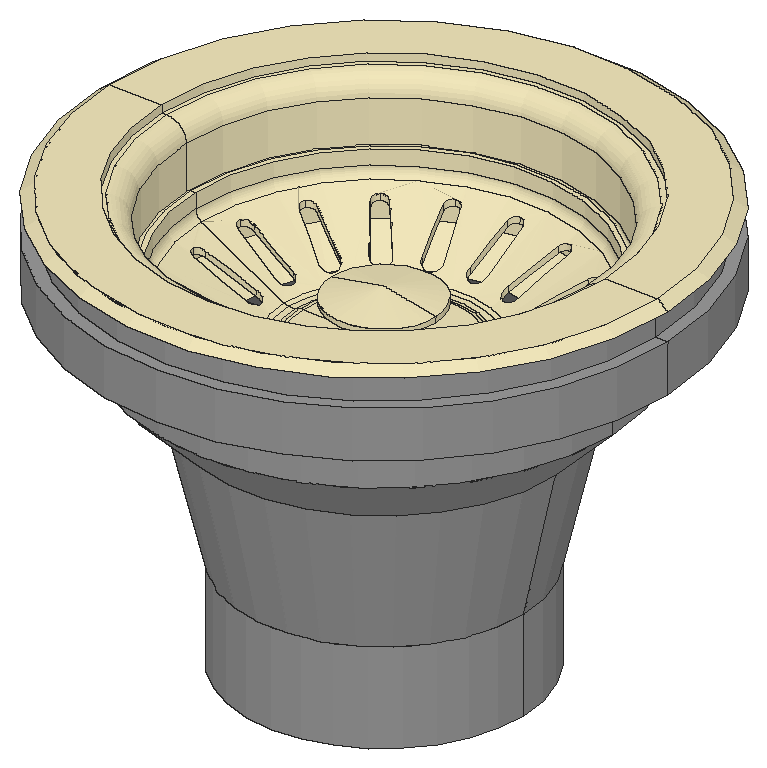
Revit family "ALMA-WSGD002-Angelo_Sink_Strainer-Brass_Gold", category Generic Models, Revit 2026
Family settings
  Can host rebar = No
  Round Connector Dimension = Use Diameter
  Part Type = Normal
  Work Plane-Based = No
  Always vertical = Yes
  Cut with Voids When Loaded = No
  Maintain Annotation Orientation = No
  Shared = No
  Room Calculation Point = No
Parameters
  Width = 115 mm
  Tailpiece_Material = BM_MATTE WHITE
  Strainer_Material = BM_BRASS GOLD
  Height = 85 mm
  Flange_Material = BM_MATTE BLACK
  Default Elevation = 0 mm
Reference planes
  plane 1 "Center (Front/Back)": y = 0
  plane 2: z = 0
  plane 3 "Center (Left/Right)": x = 0
  plane 4: z = 1.5
  plane 5: z = -83.5
  plane 6: x = -57.5
  plane 7: x = 57.5
  plane 8: y = 57.5
  plane 9: y = -57.5
  plane 10: y = 39.75
  plane 11: y = -39.75
  plane 12: x = 40
  plane 13: x = -40
Forms (mm)
  Revolve 1, solid, material "BM_MATTE WHITE" <- "Tailpiece_Material"
    sketch origin (0, 0, 0) x (1, 0, 0) y (0, 0, 1)
      loop
        line (-57.5, -5.5) -> (-57.5, -15) -> (-46.25, -15) -> (-46.25, -26.196) -> (-34.822, -37.623) -> (-28.232, -65.112) -> (-28.232, -83.5) -> (-26.732, -83.5) -> (-26.732, -64.935) -> (-33.462, -36.862) -> (-44.75, -25.574) -> (-44.75, -13.5) -> (-55, -13.5) -> (-55, -5.5) -> (-57.5, -5.5)
      axis (0, -83.5) -> (0, -5.5)
    angle from 0 to 360
  Revolve 2, solid, material "BM_MATTE BLACK" <- "Flange_Material"
    sketch origin (0, 0, 0) x (1, 0, 0) y (0, 0, 1)
      loop
        line (-52.5, -5.5) -> (-52.5, 0) -> (-55, 0) -> (-55, -5.5) -> (-52.5, -5.5)
      axis (0, -5.5) -> (0, 0)
    angle from 0 to 360
  Revolve 3, solid, material "BM_BRASS GOLD" <- "Strainer_Material"
    sketch origin (0, 0, 0) x (1, 0, 0) y (0, 0, 1)
      loop
        line (-44.844, 0) -> (-44.844, 1.5) -> (-55.358, 1.5) -> (-57.5, 0) -> (-44.844, 0)
      axis (0, 1.5) -> (0, 0)
    angle from 0 to 360
  Revolve 4, solid, material "BM_BRASS GOLD" <- "Strainer_Material"
    sketch origin (0, 0, 0) x (1, 0, 0) y (0, 0, 1)
      loop
        line (-41.5, -26.196) -> (-29.865, -37.623) -> (-13.75, -37.623) -> (-13.75, -36.123) -> (-29.247, -36.123) -> (-40, -25.574) -> (-40, -13.5) -> (-40, -3.878)
        arc (-40, -3.878) -> (-41.136, -1.136) -> (-43.878, 0) r 3.878
        line (-43.878, 0) -> (-45.362, 0) -> (-45.362, -1.5) -> (-43.878, -1.5)
        arc (-43.878, -1.5) -> (-42.196, -2.196) -> (-41.5, -3.878) r 2.378
        line (-41.5, -3.878) -> (-41.5, -13.5) -> (-41.5, -26.196)
      axis (0, -37.623) -> (0, 0)
    angle from 0 to 360
Text (mm)
  text "Refer to www.buildmat.com.au for the most current product literature. \nAllow a +/- 5mm tolerance for dimensions shown in the product literature. \nPlease note product details are subject to change due to ongoing product development." at (1.508, -179.138, 0), in view "Ref. Level"
Dimensions and locks
  "Height": plane 4 to plane 5
  "Width": plane 8 to plane 9
  equal spacing: plane 8, plane 1 "Center (Front/Back)", plane 9
  "Width": plane 6 to plane 7
  equal spacing: plane 6, plane 3 "Center (Left/Right)", plane 7
  plane 10 to plane 11 = 79.5 mm
  equal spacing: plane 10, plane 1 "Center (Front/Back)", plane 11
  equal spacing: plane 13, plane 3 "Center (Left/Right)", plane 12
  plane 13 to plane 12 = 80 mm
  aligned and locked: level to plane 2
Automatic sketch dimensions
  Revolve 1 sketch curve to plane 6 = 0 mm
  Revolve 1 sketch curve to plane 5 = 0 mm
  Revolve 1 sketch curve to plane 3 "Center (Left/Right)" = 0 mm
  plane 6 to Revolve 1 sketch curve = 2.5 mm
  plane 6 to Revolve 1 sketch curve = 11.25 mm
  Revolve 1 sketch curve to Revolve 1 sketch curve = 1.5 mm  (x3)
  Revolve 1 sketch curve to Revolve 1 sketch curve = 9.928 mm
  Revolve 1 sketch curve to Revolve 1 sketch curve = 1.36 mm
  Revolve 1 sketch curve to plane 3 "Center (Left/Right)" = 28.232 mm
  plane 5 to Revolve 1 sketch curve = 18.388 mm
  Revolve 1 sketch curve to Revolve 1 sketch curve = 0.177 mm
  Revolve 1 sketch curve to Revolve 1 sketch curve = 27.489 mm
  Revolve 1 sketch curve to Revolve 1 sketch curve = 0.761 mm
  Revolve 1 sketch curve to Revolve 1 sketch curve = 11.428 mm
  Revolve 1 sketch curve to Revolve 1 sketch curve = 0.621 mm
  Revolve 1 sketch curve to Revolve 1 sketch curve = 10.574 mm
  Revolve 1 sketch curve to level = 5.5 mm
  Revolve 1 sketch curve to plane 5 = 1.5 mm
  Revolve 1 sketch curve to level = 7 mm
  Revolve 2 sketch curve to level = 0 mm  (x2)
  Revolve 2 sketch curve to plane 3 "Center (Left/Right)" = 0 mm
  plane 6 to Revolve 2 sketch curve = 5 mm
  Revolve 2 sketch curve to Revolve 2 sketch curve = 2.5 mm
  Revolve 2 sketch curve to level = 5.5 mm  (x2)
  Revolve 3 sketch curve to level = 0 mm  (x2)
  Revolve 3 sketch curve to plane 6 = 0 mm
  Revolve 3 sketch curve to plane 4 = 0 mm
  Revolve 3 sketch curve to plane 3 "Center (Left/Right)" = 0 mm
  plane 6 to Revolve 3 sketch curve = 2.142 mm
  Revolve 3 sketch curve to Revolve 3 sketch curve = 10.514 mm
  Revolve 3 sketch curve to Revolve 3 sketch curve = 7 mm
  Revolve 4 sketch curve to Revolve 4 sketch curve = 0 mm  (x3)
  Revolve 4 sketch curve to level = 0 mm
  plane 13 to Revolve 4 sketch curve = 0 mm
  Revolve 4 sketch curve to plane 3 "Center (Left/Right)" = 0 mm
  Revolve 4 sketch curve to plane 4 = 0 mm
  plane 13 to Revolve 4 sketch curve = 1.5 mm
  Revolve 4 sketch curve to Revolve 4 sketch curve = 2.378 mm
  Revolve 4 sketch curve to Revolve 4 sketch curve = 1.485 mm
  Revolve 4 sketch curve to plane 13 = 10.135 mm
  Revolve 4 sketch curve to Revolve 4 sketch curve = 0.618 mm
  Revolve 4 sketch curve to plane 3 "Center (Left/Right)" = 13.75 mm
  Revolve 4 sketch curve to Revolve 4 sketch curve = 9.622 mm
  Revolve 4 sketch curve to Revolve 4 sketch curve = 12.074 mm
  Revolve 4 sketch curve to Revolve 4 sketch curve = 0.621 mm
  Revolve 4 sketch curve to Revolve 4 sketch curve = 10.549 mm
  Revolve 4 sketch curve to Revolve 4 sketch curve = 1.5 mm
  Revolve 4 sketch curve to Revolve 4 sketch curve = 2.377 mm
Nested families
  nested 1: "Angelo Sink Strainer-Brass Gold" at (0, 0, -13), type "BRUSHED BRASS GOLD"
Definition of nested family "Angelo Sink Strainer-Brass Gold"
  Parameters (values of type "BRUSHED BRASS GOLD")
    Strainer_Material = none
    SealRing_Material = none
    Default Elevation = 0 mm
  Reference planes
    plane 1 "Center (Front/Back)": y = 0
    plane 2: z = 0
    plane 3 "Center (Left/Right)": x = 0
    plane 4: x = -40
    plane 5: x = 40
    plane 6: z = 1
    plane 7: z = -2
    plane 8: z = -14
    plane 9: z = -18.324
    plane 10: z = -40.814
    plane 11: y = 40
    plane 12: y = -40
  Forms (mm)
    Revolve 1, solid, material <- "Strainer_Material"
      sketch origin (0, 0, 0) x (1, 0, 0) y (0, 0, 1)
        loop
          line (0, -14) -> (0, -12.513) -> (-16.254, -12.513)
          arc (-16.254, -12.513) -> (-16.716, -12.579) -> (-17.14, -12.772) r 1.644
          arc (-17.14, -12.772) -> (-17.513, -12.942) -> (-17.919, -13) r 1.445
          line (-17.919, -13) -> (-19.251, -13)
          arc (-19.251, -13) -> (-19.738, -12.941) -> (-20.197, -12.766) r 2.033
          line (-20.197, -12.766) -> (-36.931, -3.959)
          arc (-36.931, -3.959) -> (-37.759, -3.14) -> (-37.991, -2) r 2
          line (-37.991, -2) -> (-38.994, -2)
          arc (-38.994, -2) -> (-38.616, -3.658) -> (-37.397, -4.844) r 3
          line (-37.397, -4.844) -> (-20.356, -13.813)
          arc (-20.356, -13.813) -> (-19.988, -13.953) -> (-19.598, -14) r 1.626
          line (-19.598, -14) -> (0, -14)
        axis (0, -14) -> (0, -2)
      angle from 0 to 360
    Revolve 2, solid, material <- "Strainer_Material"
      sketch origin (0, 0, 0) x (1, 0, 0) y (0, 0, 1)
        loop
          line (-37.991, 1) -> (-38.96, 1)
          arc (-38.96, 1) -> (-39.689, 0.698) -> (-39.991, -0.032) r 1.032
          line (-39.991, -0.032) -> (-39.488, -2) -> (-37.991, -2) -> (-37.991, 1)
        axis (0, 1) -> (0, -2)
      angle from 0 to 360
    Revolve 3, solid, material <- "Strainer_Material"
      sketch origin (0, 0, 0) x (1, 0, 0) y (0, 0, 1)
        loop
          line (0, -2.513) -> (-10.5, -4.513) -> (-10.5, -5.513) -> (-4, -5.513) -> (-4, -10.513) -> (-5, -12.513) -> (0, -12.513) -> (0, -2.513)
        axis (0, -2.513) -> (0, -12.513)
      angle from 0 to 360
    Revolve 4, solid, material <- "SealRing_Material"
      sketch origin (0, 0, 0) x (1, 0, 0) y (0, 0, 1)
        loop
          line (0, -14) -> (-21, -14) -> (-21, -15) -> (-28, -15) -> (-28, -15.814) -> (-21, -15.814) -> (-21, -16.796) -> (-19, -16.796) -> (-19, -18.324) -> (-14, -18.324) -> (-14, -15.814) -> (0, -15.814) -> (0, -14)
        axis (0, -18.324) -> (0, -14)
      angle from 0 to 360
    Revolve 5, solid, material <- "Strainer_Material"
      sketch origin (0, 0, 2.51) x (1, 0, 0) y (0, 0, 1)
        loop
          line (0, -18.324) -> (-4, -18.324) -> (-4, -39.324)
          arc (-4, -39.324) -> (-2.828, -42.152) -> (0, -43.324) r 4
          line (0, -43.324) -> (0, -18.324)
        axis (0, -18.324) -> (0, -43.324)
      angle from 0 to 360
    Extrusion 6, void
      sketch origin (0, 0, 0) x (1, 0, 0) y (0, 1, 0)
        loop
          line (-1.558, 33.106) -> (-1.933, 24.06)
          arc (-1.933, 24.06) -> (-1.346, 22.581) -> (0.145, 22.028) r 1.955
          arc (0.145, 22.028) -> (1.448, 22.711) -> (1.931, 24.1) r 2
          line (1.931, 24.1) -> (1.559, 33.087)
          arc (1.559, 33.087) -> (1.071, 34.122) -> (-0.01, 34.496) r 1.473
          arc (-0.01, 34.496) -> (-1.077, 34.127) -> (-1.558, 33.106) r 1.453
      from -14 to 7.934
    Extrusion 7, void
      sketch origin (0, 0, 0) x (0.941511, 0.336983, 0) y (-0.336983, 0.941511, 0)
        loop
          line (-1.558, 33.106) -> (-1.933, 24.06)
          arc (-1.933, 24.06) -> (-1.346, 22.581) -> (0.145, 22.028) r 1.955
          arc (0.145, 22.028) -> (1.448, 22.711) -> (1.931, 24.1) r 2
          line (1.931, 24.1) -> (1.559, 33.087)
          arc (1.559, 33.087) -> (1.071, 34.122) -> (-0.01, 34.496) r 1.473
          arc (-0.01, 34.496) -> (-1.077, 34.127) -> (-1.558, 33.106) r 1.453
      from -14 to 7.934
    Extrusion 8, void
      sketch origin (0, 0, 0) x (0.939585, -0.342316, 0) y (0.342316, 0.939585, 0)
        loop
          line (-1.558, 33.106) -> (-1.933, 24.06)
          arc (-1.933, 24.06) -> (-1.346, 22.581) -> (0.145, 22.028) r 1.955
          arc (0.145, 22.028) -> (1.448, 22.711) -> (1.931, 24.1) r 2
          line (1.931, 24.1) -> (1.559, 33.087)
          arc (1.559, 33.087) -> (1.071, 34.122) -> (-0.01, 34.496) r 1.473
          arc (-0.01, 34.496) -> (-1.077, 34.127) -> (-1.558, 33.106) r 1.453
      from -14 to 7.934
    Extrusion 9, void
      sketch origin (0, 0, 0) x (0.765639, -0.64327, 0) y (0.64327, 0.765639, 0)
        loop
          line (-1.558, 33.106) -> (-1.933, 24.06)
          arc (-1.933, 24.06) -> (-1.346, 22.581) -> (0.145, 22.028) r 1.955
          arc (0.145, 22.028) -> (1.448, 22.711) -> (1.931, 24.1) r 2
          line (1.931, 24.1) -> (1.559, 33.087)
          arc (1.559, 33.087) -> (1.071, 34.122) -> (-0.01, 34.496) r 1.473
          arc (-0.01, 34.496) -> (-1.077, 34.127) -> (-1.558, 33.106) r 1.453
      from -14 to 7.934
    Extrusion 10, void
      sketch origin (0, 0, 0) x (0.499181, -0.866498, 0) y (0.866498, 0.499181, 0)
        loop
          line (-1.558, 33.106) -> (-1.933, 24.06)
          arc (-1.933, 24.06) -> (-1.346, 22.581) -> (0.145, 22.028) r 1.955
          arc (0.145, 22.028) -> (1.448, 22.711) -> (1.931, 24.1) r 2
          line (1.931, 24.1) -> (1.559, 33.087)
          arc (1.559, 33.087) -> (1.071, 34.122) -> (-0.01, 34.496) r 1.473
          arc (-0.01, 34.496) -> (-1.077, 34.127) -> (-1.558, 33.106) r 1.453
      from -14 to 7.934
    Extrusion 11, void
      sketch origin (0, 0, 0) x (0.172407, -0.985026, 0) y (0.985026, 0.172407, 0)
        loop
          line (-1.558, 33.106) -> (-1.933, 24.06)
          arc (-1.933, 24.06) -> (-1.346, 22.581) -> (0.145, 22.028) r 1.955
          arc (0.145, 22.028) -> (1.448, 22.711) -> (1.931, 24.1) r 2
          line (1.931, 24.1) -> (1.559, 33.087)
          arc (1.559, 33.087) -> (1.071, 34.122) -> (-0.01, 34.496) r 1.473
          arc (-0.01, 34.496) -> (-1.077, 34.127) -> (-1.558, 33.106) r 1.453
      from -14 to 7.934
    Extrusion 12, void
      sketch origin (0, 0, 0) x (-0.175199, -0.984533, 0) y (0.984533, -0.175199, 0)
        loop
          line (-1.558, 33.106) -> (-1.933, 24.06)
          arc (-1.933, 24.06) -> (-1.346, 22.581) -> (0.145, 22.028) r 1.955
          arc (0.145, 22.028) -> (1.448, 22.711) -> (1.931, 24.1) r 2
          line (1.931, 24.1) -> (1.559, 33.087)
          arc (1.559, 33.087) -> (1.071, 34.122) -> (-0.01, 34.496) r 1.473
          arc (-0.01, 34.496) -> (-1.077, 34.127) -> (-1.558, 33.106) r 1.453
      from -14 to 7.934
    Extrusion 13, void
      sketch origin (0, 0, 0) x (-0.501636, -0.865079, 0) y (0.865079, -0.501636, 0)
        loop
          line (-1.558, 33.106) -> (-1.933, 24.06)
          arc (-1.933, 24.06) -> (-1.346, 22.581) -> (0.145, 22.028) r 1.955
          arc (0.145, 22.028) -> (1.448, 22.711) -> (1.931, 24.1) r 2
          line (1.931, 24.1) -> (1.559, 33.087)
          arc (1.559, 33.087) -> (1.071, 34.122) -> (-0.01, 34.496) r 1.473
          arc (-0.01, 34.496) -> (-1.077, 34.127) -> (-1.558, 33.106) r 1.453
      from -14 to 7.934
    Extrusion 14, void
      sketch origin (0, 0, 0) x (-0.76746, -0.641097, 0) y (0.641097, -0.76746, 0)
        loop
          line (-1.558, 33.106) -> (-1.933, 24.06)
          arc (-1.933, 24.06) -> (-1.346, 22.581) -> (0.145, 22.028) r 1.955
          arc (0.145, 22.028) -> (1.448, 22.711) -> (1.931, 24.1) r 2
          line (1.931, 24.1) -> (1.559, 33.087)
          arc (1.559, 33.087) -> (1.071, 34.122) -> (-0.01, 34.496) r 1.473
          arc (-0.01, 34.496) -> (-1.077, 34.127) -> (-1.558, 33.106) r 1.453
      from -14 to 7.934
    Extrusion 15, void
      sketch origin (0, 0, 0) x (-0.940552, -0.339651, 0) y (0.339651, -0.940552, 0)
        loop
          line (-1.558, 33.106) -> (-1.933, 24.06)
          arc (-1.933, 24.06) -> (-1.346, 22.581) -> (0.145, 22.028) r 1.955
          arc (0.145, 22.028) -> (1.448, 22.711) -> (1.931, 24.1) r 2
          line (1.931, 24.1) -> (1.559, 33.087)
          arc (1.559, 33.087) -> (1.071, 34.122) -> (-0.01, 34.496) r 1.473
          arc (-0.01, 34.496) -> (-1.077, 34.127) -> (-1.558, 33.106) r 1.453
      from -14 to 7.934
    Extrusion 16, void
      sketch origin (0, 0, 0) x (-0.999996, 0.002835, 0) y (-0.002835, -0.999996, 0)
        loop
          line (-1.558, 33.106) -> (-1.933, 24.06)
          arc (-1.933, 24.06) -> (-1.346, 22.581) -> (0.145, 22.028) r 1.955
          arc (0.145, 22.028) -> (1.448, 22.711) -> (1.931, 24.1) r 2
          line (1.931, 24.1) -> (1.559, 33.087)
          arc (1.559, 33.087) -> (1.071, 34.122) -> (-0.01, 34.496) r 1.473
          arc (-0.01, 34.496) -> (-1.077, 34.127) -> (-1.558, 33.106) r 1.453
      from -14 to 7.934
    Extrusion 17, void
      sketch origin (0, 0, 0) x (-0.93861, 0.344979, 0) y (-0.344979, -0.93861, 0)
        loop
          line (-1.558, 33.106) -> (-1.933, 24.06)
          arc (-1.933, 24.06) -> (-1.346, 22.581) -> (0.145, 22.028) r 1.955
          arc (0.145, 22.028) -> (1.448, 22.711) -> (1.931, 24.1) r 2
          line (1.931, 24.1) -> (1.559, 33.087)
          arc (1.559, 33.087) -> (1.071, 34.122) -> (-0.01, 34.496) r 1.473
          arc (-0.01, 34.496) -> (-1.077, 34.127) -> (-1.558, 33.106) r 1.453
      from -14 to 7.934
    Extrusion 18, void
      sketch origin (0, 0, 0) x (-0.763812, 0.645438, 0) y (-0.645438, -0.763812, 0)
        loop
          line (-1.558, 33.106) -> (-1.933, 24.06)
          arc (-1.933, 24.06) -> (-1.346, 22.581) -> (0.145, 22.028) r 1.955
          arc (0.145, 22.028) -> (1.448, 22.711) -> (1.931, 24.1) r 2
          line (1.931, 24.1) -> (1.559, 33.087)
          arc (1.559, 33.087) -> (1.071, 34.122) -> (-0.01, 34.496) r 1.473
          arc (-0.01, 34.496) -> (-1.077, 34.127) -> (-1.558, 33.106) r 1.453
      from -14 to 7.934
    Extrusion 19, void
      sketch origin (0, 0, 0) x (-0.496722, 0.867909, 0) y (-0.867909, -0.496722, 0)
        loop
          line (-1.558, 33.106) -> (-1.933, 24.06)
          arc (-1.933, 24.06) -> (-1.346, 22.581) -> (0.145, 22.028) r 1.955
          arc (0.145, 22.028) -> (1.448, 22.711) -> (1.931, 24.1) r 2
          line (1.931, 24.1) -> (1.559, 33.087)
          arc (1.559, 33.087) -> (1.071, 34.122) -> (-0.01, 34.496) r 1.473
          arc (-0.01, 34.496) -> (-1.077, 34.127) -> (-1.558, 33.106) r 1.453
      from -14 to 7.934
    Extrusion 20, void
      sketch origin (0, 0, 0) x (-0.169613, 0.985511, 0) y (-0.985511, -0.169613, 0)
        loop
          line (-1.558, 33.106) -> (-1.933, 24.06)
          arc (-1.933, 24.06) -> (-1.346, 22.581) -> (0.145, 22.028) r 1.955
          arc (0.145, 22.028) -> (1.448, 22.711) -> (1.931, 24.1) r 2
          line (1.931, 24.1) -> (1.559, 33.087)
          arc (1.559, 33.087) -> (1.071, 34.122) -> (-0.01, 34.496) r 1.473
          arc (-0.01, 34.496) -> (-1.077, 34.127) -> (-1.558, 33.106) r 1.453
      from -14 to 7.934
    Extrusion 21, void
      sketch origin (0, 0, 0) x (0.17799, 0.984032, 0) y (-0.984032, 0.17799, 0)
        loop
          line (-1.558, 33.106) -> (-1.933, 24.06)
          arc (-1.933, 24.06) -> (-1.346, 22.581) -> (0.145, 22.028) r 1.955
          arc (0.145, 22.028) -> (1.448, 22.711) -> (1.931, 24.1) r 2
          line (1.931, 24.1) -> (1.559, 33.087)
          arc (1.559, 33.087) -> (1.071, 34.122) -> (-0.01, 34.496) r 1.473
          arc (-0.01, 34.496) -> (-1.077, 34.127) -> (-1.558, 33.106) r 1.453
      from -14 to 7.934
    Extrusion 22, void
      sketch origin (0, 0, 0) x (0.504087, 0.863653, 0) y (-0.863653, 0.504087, 0)
        loop
          line (-1.558, 33.106) -> (-1.933, 24.06)
          arc (-1.933, 24.06) -> (-1.346, 22.581) -> (0.145, 22.028) r 1.955
          arc (0.145, 22.028) -> (1.448, 22.711) -> (1.931, 24.1) r 2
          line (1.931, 24.1) -> (1.559, 33.087)
          arc (1.559, 33.087) -> (1.071, 34.122) -> (-0.01, 34.496) r 1.473
          arc (-0.01, 34.496) -> (-1.077, 34.127) -> (-1.558, 33.106) r 1.453
      from -14 to 7.934
    Extrusion 23, void
      sketch origin (0, 0, 0) x (0.769275, 0.638918, 0) y (-0.638918, 0.769275, 0)
        loop
          line (-1.558, 33.106) -> (-1.933, 24.06)
          arc (-1.933, 24.06) -> (-1.346, 22.581) -> (0.145, 22.028) r 1.955
          arc (0.145, 22.028) -> (1.448, 22.711) -> (1.931, 24.1) r 2
          line (1.931, 24.1) -> (1.559, 33.087)
          arc (1.559, 33.087) -> (1.071, 34.122) -> (-0.01, 34.496) r 1.473
          arc (-0.01, 34.496) -> (-1.077, 34.127) -> (-1.558, 33.106) r 1.453
      from -14 to 7.934
    SweptBlend 24, solid, not visible
      path origin (0, 0, 0) x (1, 0, 0) y (0, 0, 1)
        loop
          line (135, 0) -> (135, 18)
      profile origin (135, 0, 0) x (-1, 0, 0) y (0, -1, 0)
        loop
          arc (3.432, 51.32) -> (3.786, 51.467) -> (3.932, 51.82) r 0.5
          line (3.932, 51.82) -> (3.932, 68.82)
          arc (3.932, 68.82) -> (3.786, 69.174) -> (3.432, 69.32) r 0.5
          line (3.432, 69.32) -> (-3.588, 69.32)
          arc (-3.588, 69.32) -> (-3.941, 69.174) -> (-4.088, 68.82) r 0.5
          line (-4.088, 68.82) -> (-4.088, 51.82)
          arc (-4.088, 51.82) -> (-3.941, 51.467) -> (-3.588, 51.32) r 0.5
          line (-3.588, 51.32) -> (3.432, 51.32)
      end profile origin (135, 0, 18) x (-1, 0, 0) y (0, -1, 0)
        loop
          arc (3.412, 50.32) -> (4.473, 50.76) -> (4.912, 51.82) r 1.5
          line (4.912, 51.82) -> (4.912, 68.82)
          arc (4.912, 68.82) -> (4.473, 69.881) -> (3.412, 70.32) r 1.5
          line (3.412, 70.32) -> (-3.588, 70.32)
          arc (-3.588, 70.32) -> (-4.648, 69.881) -> (-5.088, 68.82) r 1.5
          line (-5.088, 68.82) -> (-5.088, 51.82)
          arc (-5.088, 51.82) -> (-4.648, 50.76) -> (-3.588, 50.32) r 1.5
          line (-3.588, 50.32) -> (3.412, 50.32)
    Extrusion 25, void, not visible
      sketch origin (0, 0, 0) x (1, 0, 0) y (0, 0, 1)
        loop
          line (133.5, 18) -> (133.5, 1.544) -> (136.5, 1.544) -> (136.5, 18) -> (133.5, 18)
      from 52.015 to 68.5
  Cuts and joins
    Extrusion 6, Extrusion 7, Extrusion 8, Extrusion 9, Extrusion 10, Extrusion 11, Extrusion 12, Extrusion 13, Extrusion 14, Extrusion 15, Extrusion 16, Extrusion 17, Extrusion 18, Extrusion 19, Extrusion 20, Extrusion 21, Extrusion 22, Extrusion 23 cuts Revolve 1
    Extrusion 7, Extrusion 8, Extrusion 9, Extrusion 10, Extrusion 11, Extrusion 12, Extrusion 13, Extrusion 14, Extrusion 15, Extrusion 16, Extrusion 17, Extrusion 18, Extrusion 19, Extrusion 20, Extrusion 21, Extrusion 22, Extrusion 23 cuts Revolve 2
    joined: Revolve 1, Revolve 2
  Text (mm)
    text "Refer to www.buildmat.com.au for the most current product literature. \nAllow a +/- 5mm tolerance for dimensions shown in the product literature. \nPlease note product details are subject to change due to ongoing product development." at (1.508, -87.628, 0), in view "Ref. Level"
  Dimensions and locks
    plane 5 to plane 4 = 80 mm
    plane 11 to plane 12 = 80 mm
    equal spacing: plane 11, plane 1 "Center (Front/Back)", plane 12
    plane 4 to plane 5 = 80 mm
    equal spacing: plane 4, plane 3 "Center (Left/Right)", plane 5
    equal spacing: plane 5, plane 3 "Center (Left/Right)", plane 4
    plane 6 to plane 10 = 41.814 mm
    aligned and locked: level to plane 2
  Automatic sketch dimensions
    Revolve 1 sketch curve to Revolve 1 sketch curve = 0 mm  (x3)
    Revolve 1 sketch curve to plane 7 = 0 mm
    Revolve 1 sketch curve to plane 3 "Center (Left/Right)" = 0 mm  (x2)
    Revolve 1 sketch curve to plane 6 = 0 mm
    Revolve 1 sketch curve to plane 8 = 0.157 mm
    Revolve 1 sketch curve to plane 3 "Center (Left/Right)" = 16.254 mm
    Revolve 1 sketch curve to Revolve 1 sketch curve = 1.664 mm
    Revolve 1 sketch curve to Revolve 1 sketch curve = 1.332 mm
    Revolve 1 sketch curve to Revolve 1 sketch curve = 0.348 mm
    plane 8 to Revolve 1 sketch curve = 0.187 mm
    Revolve 1 sketch curve to Revolve 1 sketch curve = 0.757 mm
    Revolve 1 sketch curve to plane 7 = 0.189 mm
    plane 4 to Revolve 1 sketch curve = 4 mm
    Revolve 1 sketch curve to Revolve 1 sketch curve = 0.931 mm
    Revolve 1 sketch curve to Revolve 1 sketch curve = 0.466 mm
    Revolve 2 sketch curve to plane 7 = 0 mm
    Revolve 2 sketch curve to plane 6 = 0 mm  (x2)
    Revolve 2 sketch curve to plane 3 "Center (Left/Right)" = 0 mm
    plane 4 to Revolve 2 sketch curve = 2.009 mm
    Revolve 2 sketch curve to Revolve 2 sketch curve = 0.968 mm
    plane 4 to Revolve 2 sketch curve = 0.512 mm
    plane 4 to Revolve 2 sketch curve = 0.009 mm
    plane 8 to Revolve 2 sketch curve = 0 mm
    Revolve 3 sketch curve to plane 3 "Center (Left/Right)" = 0 mm  (x2)
    Revolve 3 sketch curve to plane 3 "Center (Left/Right)" = 4 mm
    Revolve 3 sketch curve to Revolve 3 sketch curve = 1 mm
    Revolve 3 sketch curve to Revolve 3 sketch curve = 6.5 mm
    Revolve 4 sketch curve to plane 8 = 0 mm  (x2)
    Revolve 4 sketch curve to plane 9 = 0 mm  (x2)
    Revolve 4 sketch curve to plane 3 "Center (Left/Right)" = 0 mm  (x2)
    Revolve 4 sketch curve to plane 3 "Center (Left/Right)" = 14 mm
    Revolve 4 sketch curve to Revolve 4 sketch curve = 5 mm
    Revolve 4 sketch curve to Revolve 4 sketch curve = 2 mm
    Revolve 4 sketch curve to Revolve 4 sketch curve = 0 mm
    Revolve 4 sketch curve to Revolve 4 sketch curve = 7 mm
    Revolve 4 sketch curve to Revolve 4 sketch curve = 0.982 mm
    Revolve 5 sketch curve to plane 3 "Center (Left/Right)" = 0 mm  (x2)
    Revolve 5 sketch curve to plane 10 = 0 mm  (x2)
    Revolve 5 sketch curve to Revolve 5 sketch curve = 0 mm
    Revolve 1 sketch curve to Revolve 1 sketch curve = 1.003 mm
    Revolve 3 sketch curve to plane 7 = 0.513 mm
    Revolve 3 sketch curve to Revolve 3 sketch curve = 0 mm  (x2)
    Revolve 1 sketch curve to Revolve 1 sketch curve = 1.991 mm
    plane 8 to Revolve 1 sketch curve = 1.234 mm
    Revolve 1 sketch curve to Revolve 1 sketch curve = 0.599 mm
    plane 8 to Revolve 1 sketch curve = 0 mm
    Revolve 1 sketch curve to Revolve 1 sketch curve = 0.626 mm
    plane 8 to Revolve 1 sketch curve = 1.487 mm
    Revolve 1 sketch curve to Revolve 1 sketch curve = 1.445 mm
    Revolve 3 sketch curve to plane 7 = 2.513 mm
    Revolve 3 sketch curve to plane 7 = 3.513 mm
    plane 8 to Revolve 3 sketch curve = 3.487 mm
    plane 8 to Revolve 3 sketch curve = 1.487 mm
    plane 9 to Revolve 4 sketch curve = 1.528 mm
    Revolve 4 sketch curve to plane 8 = 1.814 mm
    Revolve 4 sketch curve to Revolve 4 sketch curve = 0.814 mm
    Revolve 5 sketch curve to plane 8 = 1.814 mm
    Revolve 5 sketch curve to Revolve 5 sketch curve = 4 mm
